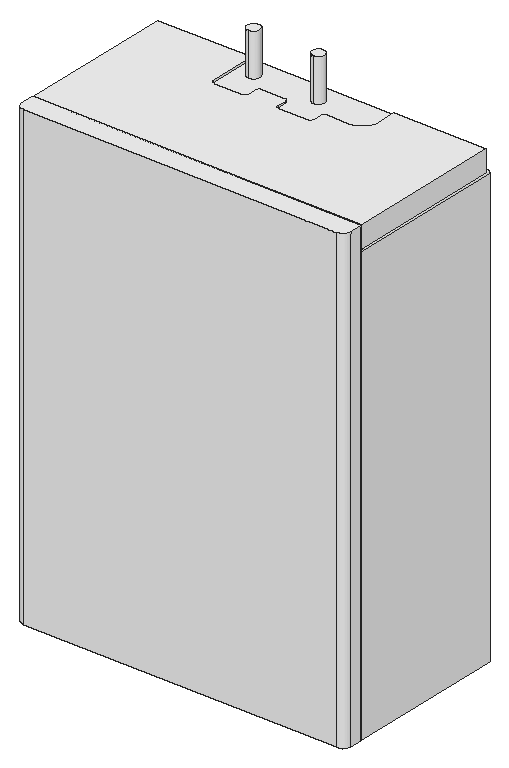
Revit family "NBS_HeatraeSadia_InstntnsWtrHtrsPckgdPltHeatExchngrs_Hi-MaxInstantIDHeatInterfaceUnit", category Plumbing Fixtures, Revit 2014
Parameters (values of type "ID-5/60")
  Width = 279.00 mm
  Weight = "37.1"
  WaterStorageCapacity = "0"
  WaterInletTemperatureRange = "n/a"
  WarrantyStartDate [instance] = "1900-12-31T23:59:59"
  WarrantyGuarantorParts = "n/a"
  WarrantyGuarantorLabor = "n/a"
  WarrantyDurationUnit = "year"
  WarrantyDurationParts = "n/a"
  WarrantyDurationLabor = "n/a"
  WarrantyDescription = "n/a"
  Version = "1"  # constant formula
  Uniclass2015Version = "Products v1.1"  # constant formula
  Uniclass2015Reference = "Pr_60_60_38_42"
  Uniclass2015Description = "Instantaneous plate heat exchangers"
  TagNumber [instance] = "n/a"
  SustainabilityPerformance = "n/a"
  Size = "776 x 507 x 279 mm"
  Shape = "n/a"
  SerialNumber [instance] = "n/a"
  SecondaryPeakFlowRate = "n/a"
  SecondaryOutlets = "n/a"
  SecondaryMedium = "Water"
  SecondaryFeed = "n/a"
  SafetyFeatures = "Safety tempering feature"
  Revision = "n/a"
  ReplacementCost = "n/a"
  Rating = "Heat exchanger: 10.43 kW; Unit: 62.5 kW (maximum)"
  ProductInformation = "www.heatraesadia.com/docs/Heatrae_Sadia_Hi-Max_Instant_ID.pdf"
  PrimaryPressure = "n/a"
  PrimaryMedium = "Medium temperature hot water"
  PrimaryFlowRate = "DHW mode: 990 L/hour (maximum); Heating mode: 390 L/hour (maximum)"
  PressureRating = "3-10 bar"
  PartialLoadEfficiencyCurves = "n/a"
  PackageUnit = "Heat interface unit with two plate heat exchangers and PID controller"
  OutletTemperatureRange = "90"
  OperatingMode = "n/a"
  NominalWidth = 279.00 mm
  NominalPartLoadRatio = 0.00 mm
  NominalLength = 507.00 mm
  NominalHeight = 776.00 mm
  NominalEnergyConsumption = 0.00 mm
  NominalEfficiency = 0
  Name = "InstantaneousWaterHeatersPackagedPlateHeatExchangers_Hi-MaxInstantIDHeatInterfaceUnit-ID-5/60_HeatraeSadia"
  NBSTypeID = "n/a"
  NBSReference = "90-15-35/420"
  NBSOfficeMasterTag = "n/a"
  NBSNote = "n/a"
  NBSDescription = "Instantaneous water heaters, packaged plate heat exchangers"
  NBSCertification = "http://www.nationalbimlibrary.com/cert/pjzvyake"
  MountingHeight [instance] = 1500.00 mm
  ModelReference = "Hi-Max Instant ID Heat Interface Unit - ID-5/60"
  ModelNumber = "95:050:202"
  Material = "n/a"
  ManufacturerURL = "www.heatraesadia.com"
  ManufacturerName = "Heatrae Sadia"  # constant formula
  Manufacturer = "specifier@heatraesadia.com"  # constant formula
  Length = 507.00 mm
  IsWaterStorageHeater = no
  InstallationDate [instance] = "1900-12-31T23:59:59"
  IfcExportType = "WATER"  # constant formula
  IfcExportAs = "IfcBoilerType"  # constant formula
  Height = 776.00 mm
  HeatTransferSurfaceArea = "n/a"
  HeatOutput = 0
  HeatInterfaceUnitMaterial = NBS_Concept
  HWFU = 0
  Grade = "n/a"
  Fixing = "Wall fixed"
  Finish = "n/a"
  Features = "Compact design, no need for boiler flues, suitable for single and dual zone heating systems, scale reducing feature"
  ExpectedLife = "n/a"
  EnvironmentalProductDeclaration = "n/a"
  DurationUnit = "year"
  Description = "Heat interface unit"
  Constituents = "n/a"
  Connections = "¾\" BSP female and 15 mm pipe"
  Color = "n/a"
  CodePerformance = "n/a"
  ClearanceZone [instance] = no
  CentralHeatingExpansionVesselVolume = "8 L"
  Category = "n/a"
  CWFU = 0
  BarCode [instance] = "n/a"
  BIMObjectName = "NBS_HeatraeSadia_InstantaneousWaterHeatersPackagedPlateHeatExchangers_Hi-MaxInstantIDHeatInterfaceUnit-ID-5/60"
  Author = "NBS"  # constant formula
  AssetType = "Fixed"
  AssetIdentifier [instance] = "n/a"
  Arrangement = "Instantaneous"
  Accessories = "Central heating programmable room thermostat, Central heating zone valve, Concealed casing fixing screw, First fix rail, Heat meter, Insulated white powder coated steel casing, Stand-off assemblies, Tenants assembly"
  AccessibilityPerformance = "n/a"
Types (3, lengths in mm): name | Weight | Rating | PrimaryFlowRate | Name | ModelReference | ModelNumber | BIMObjectName
  (no name) | "37.3" | "Heat exchanger: 13.5 kW; Unit: 78.5 kW (maximum)" | "DHW mode: 1330 L/hour (maximum); Heating mode: 480 L/hour (maximum)" | "InstantaneousWaterHeatersPackagedPlateHeatExchangers_Hi-MaxInstantIDHeatInterfaceUnit-ID-5/80_HeatraeSadia" | "Hi-Max Instant ID Heat Interface Unit - ID-5/80" | "95:050:203" | "NBS_HeatraeSadia_InstantaneousWaterHeatersPackagedPlateHeatExchangers_Hi-MaxInstantIDHeatInterfaceUnit-ID-5/80"
  ID-5/60 | "37.1" | "Heat exchanger: 10.43 kW; Unit: 62.5 kW (maximum)" | "DHW mode: 990 L/hour (maximum); Heating mode: 390 L/hour (maximum)" | "InstantaneousWaterHeatersPackagedPlateHeatExchangers_Hi-MaxInstantIDHeatInterfaceUnit-ID-5/60_HeatraeSadia" | "Hi-Max Instant ID Heat Interface Unit - ID-5/60" | "95:050:202" | "NBS_HeatraeSadia_InstantaneousWaterHeatersPackagedPlateHeatExchangers_Hi-MaxInstantIDHeatInterfaceUnit-ID-5/60"
  ID-5/80 | "37.3" | "Heat exchanger: 13.5 kW; Unit: 78.5 kW (maximum)" | "DHW mode: 1330 L/hour (maximum); Heating mode: 480 L/hour (maximum)" | "InstantaneousWaterHeatersPackagedPlateHeatExchangers_Hi-MaxInstantIDHeatInterfaceUnit-ID-5/80_HeatraeSadia" | "Hi-Max Instant ID Heat Interface Unit - ID-5/80" | "95:050:203" | "NBS_HeatraeSadia_InstantaneousWaterHeatersPackagedPlateHeatExchangers_Hi-MaxInstantIDHeatInterfaceUnit-ID-5/80"
Reference planes
  plane 1 "Center (Front/Back)": y = 0
  plane 2: z = 0
  plane 3 "Center (Left/Right)": x = 0
  plane 4: x = -253.5
  plane 5: x = 253.5
  plane 6: y = -279
  plane 7: z = 1500
  plane 8: z = 2211
  plane 9: z = 2179
  plane 10: y = -246
  plane 11: x = -108.5
  plane 12: x = 111.5
  plane 13: y = -61.001
  plane 14: y = -85.001
  plane 15: z = 2208.5
  plane 16: y = -38.5
  plane 17: x = -79.614
  plane 18: x = 20.366
  plane 19: z = 2276
  plane 20: z = 1505
  plane 21: y = -18.9
  plane 22: z = 2376
  plane 23: z = 1400
  plane 24: x = 353.5
  plane 25: x = -353.5
  plane 26: y = -1279
Forms (mm)
  Extrusion 1, solid, material "NBS_Concept" <- "HeatInterfaceUnitMaterial", detail levels medium+fine
    sketch origin (0, 0, 0) x (1, 0, 0) y (0, 1, 0)
      loop
        arc (-253.5, -267) -> (-249.985, -275.485) -> (-241.5, -279) r 12
        line (-241.5, -279) -> (241.5, -279)
        arc (241.5, -279) -> (249.985, -275.485) -> (253.5, -267.015) r 12
        line (253.5, -267.015) -> (253.5, -248)
        arc (253.5, -248) -> (252.914, -246.586) -> (251.5, -246) r 2
        line (251.5, -246) -> (-251.5, -246)
        arc (-251.5, -246) -> (-252.916, -246.588) -> (-253.5, -248.006) r 2
        line (-253.5, -248.006) -> (-253.5, -267)
    from 1500 to 2211
  Extrusion 2, solid, material "NBS_Concept" <- "HeatInterfaceUnitMaterial", detail levels medium+fine
    sketch origin (0, 0, 0) x (1, 0, 0) y (0, 1, 0)
      loop
        line (-253.5, -6.499) -> (-253.5, -246) -> (253.5, -246) -> (253.5, -6.499) -> (-253.5, -6.499)
    from 2179 to 2211
  Extrusion 3, solid, material "NBS_Concept" <- "HeatInterfaceUnitMaterial", detail levels medium+fine
    sketch origin (0, 0, 0) x (1, 0, 0) y (0, 0, 1)
      loop
        line (248.5, 2179) -> (-248.5, 2179)
        arc (-248.5, 2179) -> (-252.036, 2177.536) -> (-253.5, 2174) r 5
        line (-253.5, 2174) -> (-253.5, 1500) -> (253.5, 1500) -> (253.5, 2174)
        arc (253.5, 2174) -> (252.036, 2177.536) -> (248.5, 2179) r 5
    from 0 to 246
  Extrusion 4, void
    sketch origin (-141.005, -1524, 2211) x (0, -1, 0) y (-1, 0, 0)
      loop
        line (-1524, -32.505) -> (-1524, -252.505) -> (-1489.999, -252.505)
        arc (-1489.999, -252.505) -> (-1470.907, -244.596) -> (-1462.999, -225.505) r 27
        line (-1462.999, -225.505) -> (-1462.999, -192.505)
        arc (-1462.999, -192.505) -> (-1461.535, -188.969) -> (-1457.999, -187.505) r 5
        line (-1457.999, -187.505) -> (-1444.002, -187.505)
        arc (-1444.002, -187.505) -> (-1440.465, -186.042) -> (-1438.999, -182.506) r 5
        line (-1438.999, -182.506) -> (-1438.999, -137.505)
        arc (-1438.999, -137.505) -> (-1440.463, -133.969) -> (-1443.999, -132.505) r 5
        line (-1443.999, -132.505) -> (-1457.999, -132.505)
        arc (-1457.999, -132.505) -> (-1461.535, -131.04) -> (-1462.999, -127.505) r 5
        line (-1462.999, -127.505) -> (-1462.999, -92.505)
        arc (-1462.999, -92.505) -> (-1461.536, -88.97) -> (-1458.002, -87.505) r 5
        line (-1458.002, -87.505) -> (-1443.999, -87.505)
        arc (-1443.999, -87.505) -> (-1440.463, -86.039) -> (-1438.999, -82.503) r 5
        line (-1438.999, -82.503) -> (-1438.999, -37.505)
        arc (-1438.999, -37.505) -> (-1440.463, -33.969) -> (-1443.999, -32.505) r 5
        line (-1443.999, -32.505) -> (-1524, -32.505)
    from 0 to 2.5
  Extrusion 5, solid, material "NBS_Concept" <- "HeatInterfaceUnitMaterial", detail levels medium+fine
    sketch origin (-141.005, -1524, 2211) x (0, -1, 0) y (-1, 0, 0)
      loop
        circle (-1485.5, -61.39) r 9.525
      loop
        circle (-1485.5, -161.37) r 9.525
    from -65 to 0
  Extrusion 6, solid, not visible
    sketch origin (-141.005, -1524, 2211) x (0, -1, 0) y (-1, 0, 0)
      loop
        circle (-1496, -221.39) r 20
    from 2.5 to 3.5
  Extrusion 7, solid, not visible
    sketch origin (-141.005, -1662.249, 2211) x (0, -1, 0) y (-1, 0, 0)
      loop
        circle (-1643.349, -82.87) r 9.525
      loop
        circle (-1643.349, -158.39) r 9.525
      loop
        circle (-1644.249, -201.39) r 7.5
      loop
        circle (-1643.349, -257.39) r 9.525
      loop
        circle (-1643.349, -322.39) r 9.525
    from 706 to 711
  Extrusion 8, solid, material "NBS_Concept" <- "HeatInterfaceUnitMaterial", detail levels coarse
    sketch origin (-141.005, -1524, 2211) x (0, -1, 0) y (-1, 0, 0)
      loop
        line (-1524, 112.495) -> (-1524, -394.505) -> (-1278, -394.505) -> (-1278, 112.495) -> (-1524, 112.495)
    from 0 to 711
  Extrusion 9, solid, material "NBS_Concept" <- "HeatInterfaceUnitMaterial", detail levels coarse
    sketch origin (-141.005, -1524, 2211) x (0, -1, 0) y (-1, 0, 0)
      loop
        line (-1278, 112.495) -> (-1278, -394.505) -> (-1245, -394.505) -> (-1245, 112.495) -> (-1278, 112.495)
    from 0 to 711
  Extrusion 10, solid, material "NBS_ClearanceZone", visible <- "ClearanceZone", detail levels coarse
    sketch origin (52.886, 110.249, 1200) x (-1, 0, 0) y (0, 0, 1)
      loop
        line (406.386, 200) -> (406.386, 1176) -> (-300.614, 1176) -> (-300.614, 200) -> (406.386, 200)
    from -1389.249 to -110.249
Cuts and joins
  Extrusion 4 cuts Extrusion 2
Dimensions and locks
  locked: plane 6 to Extrusion 2 sketch curve at 33
  locked: plane 3 "Center (Left/Right)" to plane 18 at 20.366
  locked: plane 17 to plane 3 "Center (Left/Right)" at 79.614
  "Height": plane 19 to plane 7
  locked: plane 8 to plane 7 at 711
  locked: plane 8 to plane 15 at 2.5
  locked: plane 8 to plane 9 at 32
  locked: plane 20 to plane 7 at 5
  "MountingHeight": plane 7 to level
  equal spacing: plane 4, plane 3 "Center (Left/Right)", plane 5
  "Length": plane 4 to plane 5
  locked: plane 10 to plane 6 at 33
  locked: Extrusion 2 sketch curve to plane 1 "Center (Front/Back)" at 6.499
  "Width": plane 1 "Center (Front/Back)" to plane 6
  locked: plane 15 to Extrusion 6 at 1
  locked: plane 25 to plane 4 at 100
  locked: plane 5 to plane 24 at 100
  locked: plane 22 to plane 19 at 100
  locked: plane 7 to plane 23 at 100
  plane 6 to plane 26 = 1000.00 mm
  aligned and locked: level to plane 2
  aligned and locked: plane 7 to Extrusion 1
  aligned and locked: Extrusion 1 to plane 8
  aligned and locked: Extrusion 2 to plane 8
  aligned and locked: plane 9 to Extrusion 2
  aligned and locked: plane 10 to Extrusion 3
  aligned and locked: Extrusion 4 to plane 8
  aligned and locked: plane 15 to Extrusion 4
  aligned and locked: plane 8 to Extrusion 5
  aligned and locked: Extrusion 5 to plane 19
  aligned and locked: plane 7 to Extrusion 7
  aligned and locked: plane 20 to Extrusion 7
  aligned and locked: plane 7 to Extrusion 8
  aligned and locked: Extrusion 8 to plane 8
  aligned and locked: Extrusion 9 to plane 8
  aligned and locked: plane 7 to Extrusion 9
  aligned and locked: plane 1 "Center (Front/Back)" to Extrusion 4 sketch curve
  aligned and locked: Extrusion 8 sketch curve to plane 1 "Center (Front/Back)"
  aligned and locked: Extrusion 6 to plane 15
  aligned and locked: Extrusion 10 to plane 1 "Center (Front/Back)"
  aligned and locked: plane 26 to Extrusion 10
Automatic sketch dimensions
  Extrusion 1 sketch curve to plane 4 = 0.00 mm
  plane 10 to Extrusion 1 sketch curve = 0.00 mm
  plane 6 to Extrusion 1 sketch curve = 0.00 mm
  Extrusion 1 sketch curve to plane 5 = 0.00 mm
  Extrusion 1 sketch curve to plane 4 = 2.00 mm
  Extrusion 1 sketch curve to plane 4 = 12.00 mm
  plane 5 to Extrusion 1 sketch curve = 12.00 mm
  plane 5 to Extrusion 1 sketch curve = 2.00 mm
  Extrusion 1 sketch curve to Extrusion 1 sketch curve = 12.00 mm
  plane 10 to Extrusion 1 sketch curve = 2.006 mm
  plane 10 to Extrusion 1 sketch curve = 2.00 mm
  Extrusion 1 sketch curve to Extrusion 1 sketch curve = 0.015 mm  (x2)
  Extrusion 2 sketch curve to plane 4 = 0.00 mm
  Extrusion 2 sketch curve to plane 5 = 0.00 mm
  plane 4 to Extrusion 3 sketch curve = 0.00 mm
  Extrusion 3 sketch curve to plane 9 = 0.00 mm
  plane 5 to Extrusion 3 sketch curve = 0.00 mm
  Extrusion 3 sketch curve to plane 7 = 0.00 mm
  Extrusion 3 sketch curve to plane 4 = 5.00 mm
  plane 5 to Extrusion 3 sketch curve = 5.00 mm
  Extrusion 4 sketch curve to plane 12 = 0.00 mm
  plane 13 to Extrusion 4 sketch curve = 0.00 mm  (x2)
  Extrusion 4 sketch curve to plane 11 = 0.00 mm
  Extrusion 4 sketch curve to plane 14 = 0.00 mm  (x2)
  plane 12 to Extrusion 4 sketch curve = 27.00 mm
  plane 13 to Extrusion 4 sketch curve = 4.997 mm
  plane 13 to Extrusion 4 sketch curve = 5.00 mm  (x2)
  Extrusion 4 sketch curve to Extrusion 4 sketch curve = 5.00 mm  (x4)
  Extrusion 4 sketch curve to Extrusion 4 sketch curve = 0.003 mm
  plane 14 to Extrusion 4 sketch curve = 5.003 mm
  plane 14 to Extrusion 4 sketch curve = 5.00 mm  (x3)
  Extrusion 4 sketch curve to Extrusion 4 sketch curve = 44.998 mm
  Extrusion 4 sketch curve to Extrusion 4 sketch curve = 0.002 mm  (x2)
  Extrusion 4 sketch curve to Extrusion 4 sketch curve = 0.00 mm  (x7)
  Extrusion 4 sketch curve to plane 3 "Center (Left/Right)" = 13.50 mm
  Extrusion 4 sketch curve to plane 3 "Center (Left/Right)" = 3.50 mm
  plane 3 "Center (Left/Right)" to Extrusion 4 sketch curve = 41.50 mm
  Extrusion 5 sketch curve to plane 16 = 0.00 mm  (x2)
  Extrusion 5 sketch curve to plane 17 = 0.00 mm
  Extrusion 5 sketch curve to plane 18 = 0.00 mm
  plane 3 "Center (Left/Right)" to Extrusion 6 sketch curve = 80.386 mm
  Extrusion 7 sketch curve to plane 21 = 0.00 mm  (x4)
  plane 21 to Extrusion 7 sketch curve = 0.90 mm
  Extrusion 7 sketch curve to plane 3 "Center (Left/Right)" = 58.134 mm
  plane 3 "Center (Left/Right)" to Extrusion 7 sketch curve = 17.386 mm
  Extrusion 7 sketch curve to Extrusion 7 sketch curve = 43.00 mm
  Extrusion 7 sketch curve to Extrusion 7 sketch curve = 56.00 mm
  Extrusion 7 sketch curve to Extrusion 7 sketch curve = 65.00 mm
  Extrusion 8 sketch curve to plane 4 = 0.00 mm
  Extrusion 8 sketch curve to plane 5 = 0.00 mm
  plane 10 to Extrusion 8 sketch curve = 0.00 mm
  Extrusion 9 sketch curve to plane 5 = 0.00 mm
  plane 10 to Extrusion 9 sketch curve = 0.00 mm
  Extrusion 9 sketch curve to plane 4 = 0.00 mm
  plane 6 to Extrusion 9 sketch curve = 0.00 mm
  plane 1 "Center (Front/Back)" to Extrusion 6 sketch curve = 28.00 mm
  plane 4 to Extrusion 10 sketch curve = 100.00 mm
  Extrusion 10 sketch curve to plane 5 = 100.00 mm
  Extrusion 10 sketch curve to plane 19 = 100.00 mm
  Extrusion 10 sketch curve to plane 23 = 0.00 mm
  radius of Extrusion 5 sketch curve = 9.525 mm  (x2)
  radius of Extrusion 6 sketch curve = 20.00 mm
  radius of Extrusion 7 sketch curve = 9.525 mm  (x4)
  radius of Extrusion 7 sketch curve = 7.50 mm
Connectors
  electrical at (80.386, -28, 2208.5)
    settings: on Extrusion 6, index 1, voltage 0 V, apparent load 0 VA, apparent load phase1 0 VA, apparent load phase2 0 VA, apparent load phase3 0 VA, power factor 1, load classification "Other", number of poles 1, system type 31, power factor state 1, is connector primary yes, connector utility no, sub classification motor no, connector description ""
  piping at (-79.614, -38.5, 2276), diameter 19.05, driven by "HWFU"
    settings: on Extrusion 5, index 2, connector inside diameter 609.6 mm, connector length 0.00 mm, flow factor 0, pipe flow 0.0 L/s, pressure drop 0.0 Pa, fitting loss kfactor 0, connector angle 0.00°, fixture units 0, engagement length 0.00 mm, angle of deflection 0.00°, flow configuration 3, flow direction 2, fitting loss method 0, system type 19, joint type 0, gender type 0, connector reference index -1, connector utility 0, adjustable connector no, is connector primary yes, connector description "Community Heating Flow"
  piping at (20.366, -38.5, 2276), diameter 19.05, driven by "CWFU"
    settings: on Extrusion 5, index 3, connector inside diameter 609.6 mm, connector length 0.00 mm, flow factor 0, pipe flow 0.0 L/s, pressure drop 0.0 Pa, fitting loss kfactor 0, connector angle 0.00°, fixture units 0, engagement length 0.00 mm, angle of deflection 0.00°, flow configuration 3, flow direction 1, fitting loss method 0, system type 8, joint type 0, gender type 0, connector reference index -1, connector utility 0, adjustable connector no, is connector primary no, connector description "Community Heating Return"
  piping at (-58.134, -18.9, 1500), diameter 19.05, driven by "HWFU"
    settings: on Extrusion 7, index 4, connector inside diameter 609.6 mm, connector length 0.00 mm, flow factor 0, pipe flow 0.0 L/s, pressure drop 0.0 Pa, fitting loss kfactor 0, connector angle 0.00°, fixture units 0, engagement length 0.00 mm, angle of deflection 0.00°, flow configuration 3, flow direction 2, fitting loss method 0, system type 19, joint type 0, gender type 0, connector reference index -1, connector utility 0, adjustable connector no, is connector primary no, connector description "Domestic Hot Water Flow"
  piping at (17.386, -18.9, 1500), diameter 19.05, driven by "HWFU"
    settings: on Extrusion 7, index 5, connector inside diameter 609.6 mm, connector length 0.00 mm, flow factor 0, pipe flow 0.0 L/s, pressure drop 0.0 Pa, fitting loss kfactor 0, connector angle 0.00°, fixture units 0, engagement length 0.00 mm, angle of deflection 0.00°, flow configuration 3, flow direction 2, fitting loss method 0, system type 19, joint type 0, gender type 0, connector reference index -1, connector utility 0, adjustable connector no, is connector primary no, connector description "Apartment Heating Flow"
  piping at (60.386, -18, 1500), diameter 15
    settings: on Extrusion 7, index 6, connector inside diameter 609.6 mm, connector length 0.00 mm, flow factor 0, pipe flow 0.0 L/s, pressure drop 0.0 Pa, fitting loss kfactor 0, connector angle 0.00°, fixture units 0, engagement length 0.00 mm, angle of deflection 0.00°, flow configuration 3, flow direction 2, fitting loss method 0, system type 17, joint type 0, gender type 0, connector reference index -1, connector utility 0, adjustable connector no, is connector primary no, connector description "Heating Safety Valve Discharge"
  piping at (116.386, -18.9, 1500), diameter 19.05, driven by "CWFU"
    settings: on Extrusion 7, index 7, connector inside diameter 609.6 mm, connector length 0.00 mm, flow factor 0, pipe flow 0.0 L/s, pressure drop 0.0 Pa, fitting loss kfactor 0, connector angle 0.00°, fixture units 0, engagement length 0.00 mm, angle of deflection 0.00°, flow configuration 3, flow direction 1, fitting loss method 0, system type 20, joint type 0, gender type 0, connector reference index -1, connector utility 0, adjustable connector no, is connector primary no, connector description "Cold Feed"
  piping at (181.386, -18.9, 1500), diameter 19.05
    settings: on Extrusion 7, index 8, connector inside diameter 609.6 mm, connector length 0.00 mm, flow factor 0, pipe flow 0.0 L/s, pressure drop 0.0 Pa, fitting loss kfactor 0, connector angle 0.00°, fixture units 0, engagement length 0.00 mm, angle of deflection 0.00°, flow configuration 3, flow direction 1, fitting loss method 0, system type 8, joint type 0, gender type 0, connector reference index -1, connector utility 0, adjustable connector no, is connector primary no, connector description "Apartment Heating Return"
